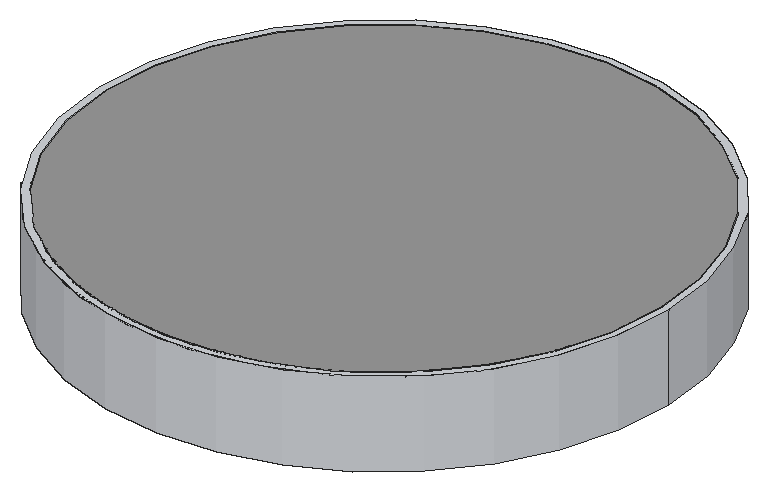
Revit family "2071142", category Lighting Fixtures, host Face, Revit 2018
Family settings
  Host = Face
  Round Connector Dimension = Use Diameter
  Part Type = Normal
  OmniClass Number = 23.80.70.00
  OmniClass Title = Lighting
  Cut with Voids When Loaded = No
  Light Source = Yes
  Shared = No
  Room Calculation Point = No
Parameters (values of type "2071142 COLOSSAL 400 840 OP DIR+H WHT EM")
  iner diameter = 390 mm
  Weight = "n/a"
  Wattage Comments = ""
  Wattage = 30 W
  WarrantyStartDate [instance] = "n/a"
  WarrantyGuarantorParts = "n/a"
  WarrantyDurationUnit = "n/a"
  WarrantyDurationParts = ""
  WarrantyDescription = "http://www.sylvania-lighting.com"
  built-in parameter 1150110 = 1 (stored number, unit not read)
  Voltage = 230 V
  URL = "0.95"
  TypeName = "COLOSSAL 400mm 840 OPAL DIR+HAL WHITE EM"
  Type Image = <None>
  Type Comments = "n/a"
  built-in parameter 1114217 = 1 (stored number, unit not read)
  Tilt Angle = -90.00°
  built-in parameter 1150109 = 1 (stored number, unit not read)
  built-in parameter 1150134 = (empty or 0)
  built-in parameter 1150113 = 1 (stored number, unit not read)
  SerialNumber [instance] = "n/a"
  Photometric Web File = "2071142.ies"
  Material_3_SYL = LED-Sylvania
  PowerFactor = 0
  PowerConsumption = "Lighting"
  NominalLength = 400 mm
  NominalHeight = 93 mm
  NominalDepth = 400 mm
  Name = "COLOSSAL 400mm 840 OPAL DIR+HAL WHITE EM"
  ModelReference = Name  # "COLOSSAL 400mm 840 OPAL DIR+HAL WHITE EM"
  ModelNumber = "2071142"
  Model = Name  # "COLOSSAL 400mm 840 OPAL DIR+HAL WHITE EM"
  Material = "Feilo Sylvania"
  ManufacturerName = "104 lm/W"
  Manufacturer = ""
  LuminousEfficacy = ""
  built-in parameter 1150105 = 270.44 (stored number, unit not read)
  Lumens = 3398.4 lm
  LuminaireType = "0"
  built-in parameter 1150115 = 1 (stored number, unit not read)
  LightOutputRatio = "LED"
  built-in parameter 1150137 = (empty or 0)
  built-in parameter 1150139 = (empty or 0)
  LampsType = Lamp  # "n/a"
  LampNominalLuminous = "4000 K"
  LampMacAdamStep = "80"
  LampColourTemperature = "LED"
  LampColourRenderingIndex = "16500"
  built-in parameter 1150112 = 1 (stored number, unit not read)
  built-in parameter 1150114 = 1 (stored number, unit not read)
  Lamp = "n/a"
  Keynote = "n/a"
  InstallationDate [instance] = "n/a"
  InputVoltage = "0"
  InputNominalFrequency = "4000"
  built-in parameter 1150132 = (empty or 0)
  built-in parameter 1150102 = (empty or 0)
  built-in parameter 1150107 = 3000 (stored number, unit not read)
  built-in parameter 1150138 = (empty or 0)
  IngressProtection = "IfcLightFixtureType"
  ImpactProtectionIndex = "IfcLightFixtureType"
  built-in parameter 1150106 = 2.7044 (stored number, unit not read)
  IfcExportType = "IfcLightFixtureType"
  IfcExportAs = "Class I"
  Emit from Circle Diameter = 385 mm
  Emit Shape Visible in Rendering = no
  ElectricShockClassification = "104"
  built-in parameter 1150104 = 10.524 (stored number, unit not read)
  DocumentationLiterature = "http://www.sylvania-lighting.com/product/en-int/products/2071142"
  DimmingControlOptions = "n/a"
  Material_2_SYL = Polycarbonate_Sylvania_White
  Dimming Lamp Color Temperature Shift = <None>
  Description = "400mm diameter circular architectural luminaire, can be surface mounted or suspended. Powder coated aluminium housing (RAL9016) with polycarbonate opal diffuser. Direct/indirect (halo) light distribution, 2680lm luminuous flux, 21.2W system power, 126lm/W luminiaire efficacy. Constant current driver. 3 hours integrated emergency. Colour rendering index Ra >80, 4000K Neutral White LED, chromaticity tolerance of 3-step MacAdam ellipse. IP40, IK03. 450mA drive current. Electrical protection Class1, 220-240V. Reported lifetime 66k hours L90B10."
  Default Elevation = 1219.2 mm
  CreatedOn = "22/03/2022"
  CreatedBy = "@sylvania-lighting.com"
  Cost = 0
  Color Filter = 16777215
  built-in parameter 1114216 [instance] = (empty or 0)
  ClassificationValue = "EF_70_80"
  ClassificationName = "Uniclass2015"
  Material_1_SYL = Polycarbonate_Sylvania_Opal
  BarCode [instance] = "n/a"
  built-in parameter 1114218 = 1 (stored number, unit not read)
  built-in parameter 1150133 = 10 (stored number, unit not read)
  AssetType = "Fixed"
  AssetIdentifier [instance] = "n/a"
  Assembly Code = "D5020200"
  Apparent Load = 21.2 VA
  Material_4_SYL = none
Reference planes
  plane 1 "Center (Front/Back)": y = 0
  plane 2: z = 0
  plane 3 "Center (Left/Right)": x = 0
  plane 4: x = -200
  plane 5: x = 200
  plane 6: y = 200
  plane 7: y = -200
  plane 8: y = 236
  plane 9: y = -236
  plane 10: z = 93
  plane 11: y = 195
  plane 12: y = -195
  plane 13: y = 90.5
  plane 14: y = 144.5
  plane 15: through (52.25, 90.5, 1219.2) normal (0.866, 0.5, 0)
  plane 16: through (52.25, 90.5, 1219.2) normal (0.866, 0.5, 0)
  plane 17: through (63.706, 126.657, 1219.2) normal (0.866, 0.5, 0)
  plane 18: through (-104.5, 0, 1219.2) normal (-0.866, 0.5, 0)
  plane 19: through (-142.394, -9.633, 1219.2) normal (-0.866, 0.5, 0)
  plane 20: y = -90.5
  plane 21: y = -118.5
  plane 22: through (85.371, -141.133, 1219.2) normal (-0.866, 0.5, 0)
  plane 23: through (52.25, -90.5, 1219.2) normal (-0.866, 0.5, 0)
  plane 24: through (-161.658, 0, 1219.2) normal (0.866, 0.5, 0)
  plane 25: through (-172.12, 9.121, 1219.2) normal (0.866, 0.5, 0)
  plane 26: through (-104.5, 0, 1219.2) normal (0.866, 0.5, 0)
Forms (mm)
  Extrusion 1, solid, detail levels medium+fine
    sketch origin (0, 0, 0) x (1, 0, 0) y (0, 1, 0)
      loop
        circle (0, 0) r 200
    from 33.023 to 93
  Extrusion 2, void
    sketch origin (0, 0, 0) x (1, 0, 0) y (0, 1, 0)
      loop
        circle (0, 0) r 195
    from 93 to 37.292
  Extrusion 3, solid, material "Glass, White, High Luminance", detail levels fine
    sketch origin (0, 0, 0) x (1, 0, 0) y (0, 1, 0)
      loop
        circle (0, 0) r 195
    from 88.026 to 93
  Extrusion 4, solid, detail levels coarse
    sketch origin (0, 0, 0) x (1, 0, 0) y (0, 1, 0)
      loop
        line (-200, 200) -> (-200, -200) -> (200, -200) -> (200, 200) -> (-200, 200)
    from 0 to 93
  Blend 5, solid, detail levels medium+fine
    base sketch origin (0, 0, 0) x (1, 0, 0) y (0, 1, 0)
      loop
        line (-52.25, 90.5) -> (-104.5, 0) -> (-52.25, -90.5) -> (52.25, -90.5) -> (104.5, 0) -> (52.25, 90.5) -> (-52.25, 90.5)
    top sketch origin (0, 0, 0) x (1, 0, 0) y (0, 1, 0)
      loop
        line (-53.405, 144.5) -> (-149.245, -21.5) -> (-93.242, -118.5) -> (98.438, -118.5) -> (151.843, -26) -> (53.405, 144.5) -> (-53.405, 144.5)
    from 0 to 33.023
Cuts and joins
  Extrusion 2 cuts Extrusion 1
Dimensions and locks
  "NominalDepth": plane 6 to plane 7
  "NominalLength": plane 4 to plane 5
  equal spacing: plane 4, plane 3 "Center (Left/Right)", plane 5
  "iner diameter": plane 11 to plane 12
  equal spacing: plane 11, plane 1 "Center (Front/Back)", plane 12
  equal spacing: plane 6, plane 1 "Center (Front/Back)", plane 7
  "NominalHeight": plane 10 to level
  plane 19 to plane 18 = 28 mm
  radius of Extrusion 2 sketch curve = 195 mm
  aligned and locked: plane 2 to host face
  aligned and locked: level to host face
Automatic sketch dimensions
  host sketch curve to host sketch curve = 2438.4 mm  (x2)
  plane 1 "Center (Front/Back)" to Extrusion 1 sketch curve = 0 mm
  Extrusion 1 sketch curve to plane 3 "Center (Left/Right)" = 0 mm
  plane 1 "Center (Front/Back)" to Extrusion 2 sketch curve = 0 mm
  Extrusion 2 sketch curve to plane 3 "Center (Left/Right)" = 0 mm
  plane 1 "Center (Front/Back)" to Extrusion 3 sketch curve = 0 mm
  Extrusion 3 sketch curve to plane 3 "Center (Left/Right)" = 0 mm
  Extrusion 4 sketch curve to plane 4 = 0 mm
  Extrusion 4 sketch curve to plane 5 = 0 mm
  Extrusion 4 sketch curve to plane 7 = 0 mm
  Extrusion 4 sketch curve to plane 6 = 0 mm
  Blend 5 sketch curve to plane 19 = 0 mm  (x2)
  Blend 5 sketch curve to plane 24 = 0 mm  (x2)
  Blend 5 sketch curve to plane 21 = 0 mm
  Blend 5 sketch curve to plane 14 = 0 mm
  Blend 5 sketch curve to plane 17 = 0 mm  (x2)
  Blend 5 sketch curve to plane 22 = 0 mm  (x2)
  radius of Extrusion 1 sketch curve = 200 mm
  radius of Extrusion 3 sketch curve = 195 mm
Connectors
  electrical at (0, 0, 0), driven by "Apparent Load", driven by "PowerFactor", driven by "Voltage"
    settings: index 1, voltage 230 V, apparent load 21.2 VA, apparent load phase1 0 VA, apparent load phase2 0 VA, apparent load phase3 0 VA, power factor 0, load classification "Lighting", number of poles 1, system type 30, power factor state 1, is connector primary yes, connector utility no, sub classification motor no, connector description ""
